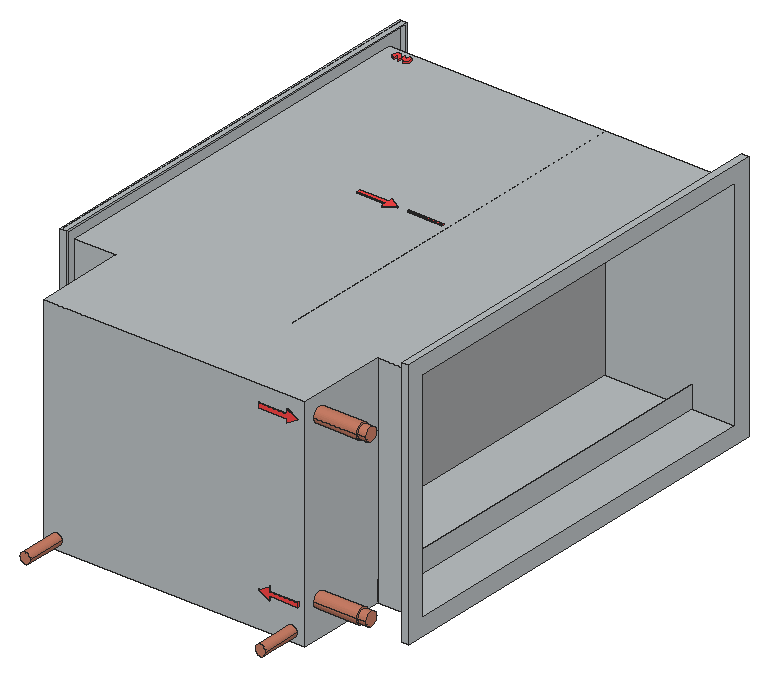
Revit family "NLRS_57_DUA_UN_rectangular-cooler-ac_kk-LT_sacs", category Duct Accessories, Revit 2019
Family settings
  Round Connector Dimension = Use Diameter
  Part Type = Breaks Into
  OmniClass Number = 23.75.10.24.21
  OmniClass Title = Cooling and Freeze Components
  Work Plane-Based = No
  Always vertical = Yes
  Cut with Voids When Loaded = No
  Shared = No
Parameters (values of type "AC_KK cooler")
  SACS_Y_Offset2 [instance] = if(SACS_Water_Connection_Right, SACS_Duct_Width + SACS_Length_Y - 20 mm, 65 mm)  # 535 mm
  SACS_Y_Offset [instance] = if(SACS_Water_Connection_Right, 0 mm, SACS_Length_Y + 45 mm)  # 0 mm
  SACS_Warning_Text_Size [instance] = if(SACS_Warning_Size, "Invalid duct size. Nearest larger size selected", " ")  # " "
  SACS_Warning_Text_Other [instance] = if(SACS_Warning_Other, "Selected configuration not allowed", " ")  # " "
  SACS_Warning_Size [instance] = or(not(NLRS_M_c01_breedte = SACS_Duct_Width), not(NLRS_M_c01_hoogte = SACS_Duct_Height))  # no
  SACS_Warning_Sign [instance] = and(not(SACS_Disable_Warning), or(SACS_Warning_Size, SACS_Warning_Other))  # no
  SACS_Warning_Other [instance] = or([Cooler rows (2-10)] < 2, [Cooler rows (2-10)] > 10, [Cooler circuits (1-26)] < 1, [Cooler circuits (1-26)] > 26)  # no
  SACS_Use_Manual_Airflow [instance] = no
  SACS_Right_Box [instance] = if(SACS_Water_Connection_Right, SACS_Duct_Width + SACS_Length_Y, SACS_Y_Offset - 1 mm)  # 555 mm
  SACS_Plenum_L [instance] = if(SACS_Index1 < 7 mm, 400 mm, 500 mm)  # 400 mm
  SACS_Offset2 [instance] = if(SACS_Water_Connection_Right, SACS_Right_Box + 45 mm, 45 mm)  # 600 mm
  SACS_Offset1 [instance] = if(SACS_Water_Connection_Right, SACS_Right_Box, 0 mm)  # 555 mm
  SACS_Model [instance] = size_lookup(SACS_Article_Data, "Model", "NB", SACS_Duct_Width, SACS_Duct_Height, SACS_Index1, SACS_Index2, SACS_Index3)  # "AC2KKR-25-02 450x250"
  SACS_Manual_Airflow [instance] = 0.0 m³/h
  SACS_Left_Box [instance] = if(SACS_Water_Connection_Right, SACS_Duct_Width + 1 mm, 45 mm)  # 451 mm
  SACS_Index3 [instance] = if(SACS_Water_Connection_Right, 0 mm, 1 mm)  # 0 mm
  SACS_Index2 [instance] = if([Cooler circuits (1-26)] < 1, 1, if([Cooler circuits (1-26)] > 26, 26, [Cooler circuits (1-26)])) * 1 mm  # 2 mm
  SACS_Index1 [instance] = if([Cooler rows (2-10)] < 2, 2, if([Cooler rows (2-10)] > 10, 10, [Cooler rows (2-10)])) * 1 mm  # 2 mm
  SACS_Disable_Warning [instance] = no
  SACS_Battery_Length [instance] = SACS_Index1 * 50  # 100 mm
  SACS_Article_Data = "AC-KK_Data"  # constant formula
  SACS_Water_Connection_Right [instance] = yes
  URL = "https://solid-air.nl/producten/solid-air-nakoeler-ac-k/"
  Type Comments = "Check flow directions!"  # constant formula
  SACS_Y_Offset3 [instance] = if(SACS_Water_Connection_Right, -1 mm, SACS_Length_Y - 1 mm)  # -1 mm
  SACS_Type_Mark [instance] = ""
  SACS_Offset_RL [instance] = if(SACS_Water_Connection_Right, 20 mm, SACS_Duct_Width + SACS_Length_Y - 19 mm)  # 20 mm
  SACS_Length_Y [instance] = 90 mm + NLRS_P_c01_diameter  # 105 mm
  SACS_Index_Side [instance] = if(SACS_Water_Connection_Right, 0, 1)  # 0
  SACS_Flange_Height [instance] = if(or(SACS_Duct_Height > 650 mm, SACS_Duct_Width > 650 mm), 29 mm, 19 mm)  # 19 mm
  SACS_Duct_Width [instance] = if(roundup(NLRS_M_c01_breedte / 50 mm) * 50 < 200, 200 mm, if(roundup(NLRS_M_c01_breedte / 50 mm * 50) > 2000, 2000 mm, roundup(NLRS_M_c01_breedte / 50 mm) * 50 mm))  # 450 mm
  SACS_Duct_Height [instance] = if(roundup(NLRS_M_c01_hoogte / 50 mm) * 50 < 200, 200 mm, if(roundup(NLRS_M_c01_hoogte / 50 mm * 50) > 1600, 1600 mm, roundup(NLRS_M_c01_hoogte / 50 mm) * 50 mm))  # 250 mm
  SACS_Diameter2 [instance] = NLRS_P_c01_diameter + 2 mm  # 17 mm
  SACS_Article_Code [instance] = size_lookup(SACS_Article_Data, "", "NB", SACS_Duct_Width, SACS_Duct_Height, SACS_Index1, SACS_Index2, SACS_Index3)  # "NB"
  SACS_Air_Flow [instance] = 0.0 m³/h
  NLRS_P_c01_drukverlies_statisch [instance] = 0.0 Pa
  NLRS_P_c01_diameter [instance] = if([Cooler circuits (1-26)] < 8, 15 mm, if([Cooler circuits (1-26)] < 15, 20 mm, if([Cooler circuits (1-26)] < 23, 25 mm, 32 mm)))  # 15 mm
  NLRS_M_c01_hoogte [instance] = 250 mm
  NLRS_M_c01_drukverlies_statisch [instance] = 0.0 Pa
  NLRS_M_c01_breedte [instance] = 450 mm
  NLRS_C_model [instance] = SACS_Model  # "AC2KKR-25-02 450x250"
  NLRS_C_description = Description  # "Cooling battery AC_KK - Rectangular connector - Solid Air"
  NLRS_C_content_versie = "3.19.00"  # constant formula
  NLRS_C_content_provider = "Solid Air Climate Solutions"  # constant formula
  NLRS_C_content_datum_uitgifte = "05-07-2022"  # constant formula
  NLRS_C_content_creator = "J. Feeke"  # constant formula
  Cooler rows (2-10) [instance] = 2
  NLRS_P_c01_volumestroom [instance] = 0.0 L/s
  NLRS_M_c01_debiet [instance] = abs(if(SACS_Use_Manual_Airflow, SACS_Manual_Airflow, SACS_Air_Flow))  # 0.0 m³/h
  Model = "AC_KK"  # constant formula
  Manufacturer = "Solid Air Climate Solutions"  # constant formula
  LoadBearing [instance] = 1 = 0  # no
  Keynote = ""
  IsExternal [instance] = 1 = 0  # no
  IfcExportType = "Cooler"  # constant formula
  IfcExportAs = "IfcHeatExchanger"  # constant formula
  IfcDescription = Description  # "Cooling battery AC_KK - Rectangular connector - Solid Air"
  Cooler circuits (1-26) [instance] = 2
  FireRating [instance] = "00"  # constant formula
  Description = "Cooling battery AC_KK - Rectangular connector - Solid Air"  # constant formula
  Cost = 0
  Assembly Code = "57.00"
Reference planes
  plane 1 "Center (Front/Back)": y = 0
  plane 2: z = 0
  plane 3 "Center (Left/Right)": x = 0
  plane 4 "top": z = 125
  plane 5 "bottom": z = -125
  plane 6 "left": x = -200
  plane 7 "right": x = 200
  plane 8 "back": y = 225
  plane 9 "Front": y = -225
  plane 10 "box": y = -330
  plane 11: y = -226
  plane 12: y = 225
Forms (mm)
  Sweep 1, solid, material "NLRS_57_sendzimir verzinkt_gen_sacs", detail levels medium+fine
    path in 3D
      loop
        line (0, -225, -125) -> (0, 225, -125) -> (0, 225, 125) -> (0, -225, 125) -> (0, -225, -125)
    profile "casing : casing" origin (0, -225, 0) x (0, 1, 0) y (1, 0, 0)
      loop
        line (0, -200) -> (0, 200) -> (-19, 200) -> (-19, 192.5) -> (-18, 192.5) -> (-18, 199) -> (-1, 199) -> (-1, -199) -> (-18, -199) -> (-18, -192.5) -> (-19, -192.5) -> (-19, -200) -> (0, -200)
  Extrusion 2, solid, material "NLRS_57_sendzimir verzinkt_gen_sacs", detail levels medium+fine
    sketch origin (0, 0, 0) x (1, 0, 0) y (0, 1, 0)
      loop
        line (-150, -226) -> (-150, -330) -> (150, -330) -> (150, -226) -> (-150, -226)
    from -126 to 126
  Extrusion 3, solid, material "Koper", detail levels medium+fine
    sketch origin (200, 0, 0) x (0, 1, 0) y (0, 0, 1)
      loop
        circle (-310, 105) r 8.5
      loop
        circle (-310, -85) r 8.5
    from -50 to 0
  Extrusion 4, solid, material "Koper", detail levels medium+fine
    sketch origin (200, 0, 0) x (0, 1, 0) y (0, 0, 1)
      loop
        circle (-310, 105) r 7.5
      loop
        circle (-310, -85) r 7.5
    from 0 to 10
  Extrusion 5, solid, material "NLRS_57_anodised aluminium_gen_sacs", detail levels medium+fine
    sketch origin (0, 0, 0) x (1, 0, 0) y (0, 1, 0)
      loop
        line (-50, 225) -> (-50, -225) -> (50, -225) -> (50, 225) -> (-50, 225)
    from -125 to 125
  Extrusion 6, solid, material "SACS_Label", detail levels medium+fine
    sketch origin (0, 0, 125) x (-1, 0, 0) y (0, -1, 0)
      loop
        line (-4.439, -1) -> (-4.439, 1) -> (-44.439, 1) -> (-44.439, -1) -> (-4.439, -1)
    from 1 to 2
  Extrusion 7, solid, material "Koper"
    sketch origin (0, 0, 0) x (1, 0, 0) y (0, 0, 1)
      loop
        circle (-135, -115) r 6
      loop
        circle (135, -115) r 6
    from 330 to 375
  Extrusion 8, solid, material "NLRS_57_sendzimir verzinkt_gen_sacs"
    sketch origin (0, 0, 0) x (1, 0, 0) y (0, 0, 1)
      loop
        line (149, -100) -> (149, -125) -> (150, -125) -> (150, -100) -> (149, -100)
      loop
        line (-150, -100) -> (-150, -125) -> (-149, -125) -> (-149, -100) -> (-150, -100)
    from -225 to 225
Cuts and joins
  joined: Sweep 1, Extrusion 2
Lines and regions (mm)
  model lines, not visible
    curve 1: line (0, 225, 125) -> (0, -225, 125)
    curve 2: line (0, 225, -125) -> (0, 225, 125)
    curve 3: line (0, -225, -125) -> (0, 225, -125)
    curve 4: line (0, -225, 125) -> (0, -225, -125)
  sketch lines
    curve 5: line (0, -225, 125) -> (0, -225, -125)
    curve 6: line (0, 225, 125) -> (0, -225, 125)
    curve 7: line (0, 225, -125) -> (0, 225, 125)
    curve 8: line (0, -225, -125) -> (0, 225, -125)
Dimensions and locks
  equal spacing: plane 4 "top", level, plane 5 "bottom"
  "SACS_Duct_Height": plane 4 "top" to plane 5 "bottom"
  equal spacing: plane 6 "left", plane 3 "Center (Left/Right)", plane 7 "right"
  equal spacing: plane 8 "back", plane 1 "Center (Front/Back)", plane 9 "Front"
  "SACS_Duct_Width": plane 8 "back" to plane 9 "Front"
  "SACS_Plenum_L": plane 6 "left" to plane 7 "right"
  "SACS_Y_Offset": plane 12 to plane 8 "back"
  "SACS_Left_Box": plane 12 to plane 11
  "SACS_Right_Box": plane 12 to plane 10 "box"
  locked: Extrusion 2 sketch curve to plane 7 "right" at 50
  locked: plane 6 "left" to Extrusion 2 sketch curve at 50
  locked: Extrusion 2 to plane 4 "top" at 1
  locked: plane 5 "bottom" to Extrusion 2 at 1
  "SACS_Y_Offset2": Extrusion 3 sketch curve to plane 12
  locked: plane 4 "top" to Extrusion 3 sketch curve at 20
  locked: Extrusion 3 sketch curve to plane 5 "bottom" at 40
  "SACS_Y_Offset2": plane 12 to Extrusion 3 sketch curve
  locked: Extrusion 3 to plane 7 "right" at 50
  locked: Extrusion 4 sketch curve to plane 5 "bottom" at 40
  locked: plane 4 "top" to Extrusion 4 sketch curve at 20
  "SACS_Y_Offset2": plane 12 to Extrusion 4 sketch curve  (x2)
  locked: plane 7 "right" to Extrusion 4 at 10
  equal spacing: Extrusion 5 sketch curve, plane 3 "Center (Left/Right)", Extrusion 5 sketch curve
  "SACS_Battery_Length": Extrusion 5 sketch curve to Extrusion 5 sketch curve
  locked: plane 7 "right" to nested 1 at 80
  locked: plane 7 "right" to nested 2 at 80
  locked: nested 3 to plane 3 "Center (Left/Right)" at 30
  Extrusion 6 sketch curve to plane 1 "Center (Front/Back)" to Extrusion 6 sketch curve = 1 mm locked, 1 mm locked
  locked: plane 6 "left" to nested 4 at 25
  locked: plane 8 "back" to nested 4 at 10
  "SACS_Offset1": plane 12 to Extrusion 7
  "SACS_Offset2": plane 12 to Extrusion 7
  locked: Extrusion 7 sketch curve to plane 5 "bottom" at 10  (x2)
  locked: Extrusion 7 sketch curve to plane 6 "left" at 65
  locked: plane 7 "right" to Extrusion 7 sketch curve at 65
  locked: plane 7 "right" to Extrusion 8 sketch curve at 51
  locked: plane 7 "right" to Extrusion 8 sketch curve at 50
  locked: Extrusion 8 sketch curve to plane 5 "bottom" at 25  (x2)
  locked: Extrusion 8 sketch curve to plane 6 "left" at 50
  locked: Extrusion 8 sketch curve to plane 6 "left" at 51
  locked: nested 1 to plane 5 "bottom" at 40
  locked: plane 4 "top" to nested 2 at 20
  "SACS_Diameter2": diameter of Extrusion 3 sketch curve  (x2)
  "NLRS_P_c01_diameter": diameter of Extrusion 4 sketch curve  (x2)
  aligned and locked: level to plane 2
  aligned and locked: curve 1 to plane 4 "top"
  aligned and locked: plane 9 "Front" to curve 4
  aligned and locked: plane 5 "bottom" to curve 3
  aligned and locked: curve 2 to plane 8 "back"
  aligned and locked: Extrusion 2 sketch curve to plane 11
  aligned and locked: plane 10 "box" to Extrusion 2 sketch curve
  aligned and locked: plane 7 "right" to Extrusion 3
  aligned and locked: plane 8 "back" to Extrusion 5
  aligned and locked: Extrusion 5 to plane 9 "Front"
  aligned and locked: Extrusion 5 to plane 5 "bottom"
  aligned and locked: plane 4 "top" to Extrusion 5
  aligned and locked: plane 1 "Center (Front/Back)" to nested 3
  aligned and locked: plane 3 "Center (Left/Right)" to nested 5
  aligned and locked: plane 5 "bottom" to Extrusion 8 sketch curve
  aligned and locked: Extrusion 8 to plane 9 "Front"
  aligned and locked: plane 8 "back" to Extrusion 8
Automatic sketch dimensions
  plane 3 "Center (Left/Right)" to Extrusion 6 sketch curve = 44.439 mm
  plane 3 "Center (Left/Right)" to Extrusion 6 sketch curve = 4.439 mm
  Extrusion 8 sketch curve to plane 5 "bottom" = 0 mm
  Extrusion 5 sketch curve to plane 9 "Front" = 0 mm
  Extrusion 5 sketch curve to plane 8 "back" = 0 mm
  radius of Extrusion 7 sketch curve = 6 mm  (x2)
Nested families
  nested 1: "arrow" at (120, -331, -85) x (-1, 0, 0) z (0, 1, 0), built-in parameter 1001364 <- "SACS_Y_Offset3", type "arrow", detail levels medium+fine
  nested 2: "arrow" at (120, -331, 105) x (1, 0, 0) z (0, 1, 0), built-in parameter 1001364 <- "SACS_Y_Offset3", type "arrow", detail levels medium+fine
  nested 3: "arrow" at (-30, 0, 126), type "arrow", detail levels medium+fine
  nested 4: "logo_single" at (-175, 215, 125), type "logo_single", detail levels medium+fine
  nested 5: "NK-Symbol" at (0, 0, 125), type "NK-Symbol", detail levels coarse
  nested 6: "Warning" at (0, 0, 125), visible <- "SACS_Warning_Size", type "Warning", detail levels medium+fine
Connectors
  hvac at (-200, 0, 0), driven by "NLRS_M_c01_hoogte", driven by "NLRS_M_c01_breedte", driven by "NLRS_M_c01_debiet", driven by "NLRS_M_c01_drukverlies_statisch"
    settings: on cut or joined group of Sweep 1, Extrusion 2, index 1, duct flow 0.0 m³/h, flow factor 0, pres drop 0.0 Pa, loss coef 0, conn angle 0.00°, conn width 450 mm, conn height 250 mm, conn diameter 609.6 mm, duct sys type 1, conn prof type 1, flow config 1, flow direction 1, loss method 4, conn ref index -1, conn util no, is conn primary yes, conn desc ""
  hvac at (200, 0, 0), driven by "NLRS_M_c01_hoogte", driven by "NLRS_M_c01_breedte", driven by "SACS_Air_Flow"
    settings: on cut or joined group of Sweep 1, Extrusion 2, index 2, duct flow 0.0 m³/h, flow factor 0, pres drop 0.0 Pa, loss coef 0, conn angle 0.00°, conn width 450 mm, conn height 250 mm, conn diameter 609.6 mm, duct sys type 1, conn prof type 1, flow config 0, flow direction 2, loss method 0, conn ref index -1, conn util no, is conn primary no, conn desc ""
  piping at (200, -310, -85), diameter 15, driven by "NLRS_P_c01_diameter", driven by "NLRS_P_c01_volumestroom", driven by "NLRS_P_c01_drukverlies_statisch"
    settings: on Extrusion 4, index 3, connector inside diameter 24", connector length 0 mm, flow factor 0, pipe flow 0.0 L/s, pressure drop 0.0 Pa, fitting loss kfactor 0, connector angle 0.00°, fixture units 0, engagement length 0 mm, angle of deflection 0.00°, flow configuration 1, flow direction 1, fitting loss method 4, system type 7, joint type 0, gender type 0, connector reference index -1, connector utility 0, adjustable connector no, is connector primary yes, connector description ""
  piping at (200, -310, 105), diameter 15, driven by "NLRS_P_c01_diameter", driven by "NLRS_P_c01_volumestroom", driven by "NLRS_P_c01_drukverlies_statisch"
    settings: on Extrusion 4, index 4, connector inside diameter 24", connector length 0 mm, flow factor 0, pipe flow 0.0 L/s, pressure drop 0.0 Pa, fitting loss kfactor 0, connector angle 0.00°, fixture units 0, engagement length 0 mm, angle of deflection 0.00°, flow configuration 1, flow direction 2, fitting loss method 4, system type 8, joint type 0, gender type 0, connector reference index -1, connector utility 0, adjustable connector no, is connector primary no, connector description ""
Definition of nested family "arrow"
  Parameters (values of type "arrow")
    Default Elevation = 1219.2 mm
  Reference planes
    plane 1 "Center (Front/Back)": y = 0
    plane 2: z = 0
    plane 3 "Center (Left/Right)": x = 0
  Forms (mm)
    Extrusion 1, solid
      sketch origin (0, 48.354, 0) x (-1, 0, 0) y (0, -1, 0)
        loop
          line (22.513, 50.854) -> (-10.002, 50.854) -> (-10.002, 55.854) -> (-22.513, 48.354) -> (-10.002, 40.854) -> (-10.002, 45.854) -> (22.513, 45.854) -> (22.513, 50.854)
      from 0 to 1
  Dimensions and locks
    aligned and locked: level to plane 2
Definition of nested family "logo_single"
  Parameters (values of type "logo_single")
    t = 5 mm
    Model = "LOD 400"
    Description = "Model type"
    Default Elevation = 1219.2 mm
  Reference planes
    plane 1 "Center (Front/Back)": y = 0
    plane 2: z = 0
    plane 3 "Center (Left/Right)": x = 0
    plane 4: z = 2
    plane 5: x = -10
    plane 6: y = -5
    plane 7: y = 5
    plane 8: x = -5
    plane 9: x = 5
    plane 10: x = 10
  Forms (mm)
    Extrusion 1, solid
      sketch origin (-547.644, -297.937, 0) x (1, 0, 0) y (0, 1, 0)
        loop
          arc (542.644, 302.937) -> (537.644, 297.937) -> (542.644, 292.937) r 5
          line (542.644, 292.937) -> (542.644, 297.937) -> (547.644, 292.937) -> (547.644, 297.937) -> (542.644, 302.937)
      from 0 to 2
    Extrusion 2, solid
      sketch origin (0, 0, 0) x (1, 0, 0) y (0, 1, 0)
        loop
          arc (5, -5) -> (10, 0) -> (5, 5) r 5
          line (5, 5) -> (5, 0) -> (0, 5) -> (0, 0) -> (5, -5)
      from 0 to 2
  Dimensions and locks
    "t": plane 7 to plane 1 "Center (Front/Back)"
    "t": plane 6 to plane 1 "Center (Front/Back)"
    "t": plane 5 to plane 8
    "t": plane 8 to plane 3 "Center (Left/Right)"
    "t": plane 3 "Center (Left/Right)" to plane 9
    "t": plane 9 to plane 10
    aligned and locked: level to plane 2
    aligned and locked: plane 4 to Extrusion 1
  Automatic sketch dimensions
    plane 1 "Center (Front/Back)" to Extrusion 1 sketch curve = 0 mm  (x3)
    Extrusion 1 sketch curve to plane 8 = 0 mm
    Extrusion 1 sketch curve to plane 7 = 0 mm
    Extrusion 1 sketch curve to plane 3 "Center (Left/Right)" = 0 mm
    Extrusion 1 sketch curve to plane 6 = 0 mm
    Extrusion 2 sketch curve to plane 3 "Center (Left/Right)" = 0 mm
    plane 1 "Center (Front/Back)" to Extrusion 2 sketch curve = 0 mm  (x3)
    Extrusion 2 sketch curve to plane 6 = 0 mm
    Extrusion 2 sketch curve to plane 9 = 0 mm
    Extrusion 2 sketch curve to plane 7 = 0 mm
Definition of nested family "NK-Symbol"
  Parameters (values of type "FD-Symbol_Side")
    Width = 450 mm
    Length = 300 mm
    Half_Width = Width / 2  # 225 mm
  Types (2, lengths in mm): name | Width | Length | Half_Width
    FD-Symbol_Side | 450 | 300 | 225
    FD-Symbol_Top | 0 | 750 | 0
  Reference planes
    plane 1 "Center (Front/Back)": y = 0
    plane 2: z = 0
    plane 3 "Center (Left/Right)": x = 0
    plane 4: x = -150
    plane 5: x = 150
    plane 6: y = -225
    plane 7: y = 225
    plane 8: x = -100
    plane 9: x = -125
    plane 10: y = 200
    plane 11: x = -417.698
    plane 12: y = 67.059
  Lines and regions (mm)
    detail lines, in view "Ref. Level"
      curve 1: line (-150, 225, 0) -> (150, 225, 0)
      curve 2: line (-150, -225, 0) -> (-150, 225, 0)
      curve 3: line (150, -225, 0) -> (-150, -225, 0)
      curve 4: line (150, 225, 0) -> (150, -225, 0)
      curve 5: line (-150, -225, 0) -> (150, 225, 0)
      curve 6: line (-125, 0, 0) -> (-75, 0, 0)
      curve 7: line (-141.355, 212.5, 0) -> (-141.355, 187.5, 0)
      curve 8: line (-141.355, 200, 0) -> (-128.855, 212.5, 0)
      curve 9: line (-128.855, 187.5, 0) -> (-141.355, 200, 0)
      curve 13: spline (-113.429, 187.5, 0) -> (-115.461, 187.926, 0) -> (-117.355, 189.175, 0) -> (-118.98, 191.161, 0) -> (-120.228, 193.75, 0) -> (-121.012, 196.765, 0) -> (-121.28, 200, 0) -> (-121.012, 203.235, 0) -> (-120.228, 206.25, 0) -> (-118.98, 208.839, 0) -> (-117.355, 210.825, 0) -> (-115.461, 212.074, 0) -> (-113.429, 212.5, 0) -> (-111.397, 212.074, 0) -> (-109.504, 210.825, 0) -> (-107.878, 208.839, 0) -> (-106.631, 206.25, 0) -> (-105.846, 203.235, 0) -> (-105.579, 200, 0) -> (-105.846, 196.765, 0) -> (-106.631, 193.75, 0) -> (-107.878, 191.161, 0) -> (-109.504, 189.175, 0) -> (-111.397, 187.926, 0) -> (-113.429, 187.5, 0)
    detail lines, in view "Ref. Level", not visible
      curve 10: line (-434.053, 79.559, 0) -> (-434.053, 54.559, 0)
      curve 11: line (-434.053, 67.059, 0) -> (-421.553, 79.559, 0)
      curve 12: line (-421.553, 54.559, 0) -> (-434.053, 67.059, 0)
      curve 14: spline (-406.128, 54.559, 0) -> (-408.16, 54.985, 0) -> (-410.053, 56.234, 0) -> (-411.679, 58.22, 0) -> (-412.926, 60.809, 0) -> (-413.711, 63.824, 0) -> (-413.978, 67.059, 0) -> (-413.711, 70.294, 0) -> (-412.926, 73.309, 0) -> (-411.679, 75.898, 0) -> (-410.053, 77.884, 0) -> (-408.16, 79.133, 0) -> (-406.128, 79.559, 0) -> (-404.096, 79.133, 0) -> (-402.202, 77.884, 0) -> (-400.577, 75.898, 0) -> (-399.329, 73.309, 0) -> (-398.545, 70.294, 0) -> (-398.277, 67.059, 0) -> (-398.545, 63.824, 0) -> (-399.329, 60.809, 0) -> (-400.577, 58.22, 0) -> (-402.202, 56.234, 0) -> (-404.096, 54.985, 0) -> (-406.128, 54.559, 0)
  Dimensions and locks
    "Half_Width": plane 1 "Center (Front/Back)" to plane 6
    "Half_Width": plane 7 to plane 1 "Center (Front/Back)"
    "Length": plane 4 to plane 5
    equal spacing: plane 4, plane 3 "Center (Left/Right)", plane 5
    plane 4 to plane 8 = 50 mm
    locked: curve 6 to plane 8 at 25
    locked: plane 8 to curve 6 at 25
    locked: plane 4 to plane 9 at 25
    locked: plane 7 to plane 10 at 25
    aligned and locked: plane 4 to curve 2
    aligned and locked: curve 1 to plane 7
    aligned and locked: curve 4 to plane 5
    aligned and locked: plane 6 to curve 3
    aligned and locked: plane 1 "Center (Front/Back)" to curve 6
  Automatic sketch dimensions
    curve 5 to plane 4 = 0 mm
    curve 7 to curve 9 = 12.5 mm
    curve 7 to curve 8 = 12.5 mm  (x2)
    curve 7 to curve 9 = 0 mm
    curve 13 to curve 13 = 12.5 mm
    curve 8 to curve 7 = 12.5 mm
    curve 9 to curve 13 = 15.425 mm
    curve 9 to curve 13 = 12.5 mm
    curve 10 to curve 12 = 12.5 mm
    curve 10 to curve 11 = 12.5 mm  (x2)
    curve 10 to curve 12 = 0 mm
    curve 14 to curve 14 = 12.5 mm
    curve 11 to curve 10 = 12.5 mm
    curve 12 to curve 14 = 15.425 mm
    curve 12 to curve 14 = 12.5 mm
Definition of nested family "Warning"
  Parameters (values of type "Warning")
    straal = 1000 mm
  Reference planes
    plane 1 "Center (Front/Back)": y = 0
    plane 2: z = 0
    plane 3 "Center (Left/Right)": x = 0
  Lines and regions (mm)
    Filled region 1, type "Solid Fill - Black", in view "Ref. Level"
      outline origin (0, 0, 0) x (1, 0, 0) y (0, 1, 0)
        loop
          line (-25.8, 75) -> (-20, -12.003) -> (20, -12.003) -> (25.8, 75) -> (-25.8, 75)
        loop
          circle (0, -50) r 25
